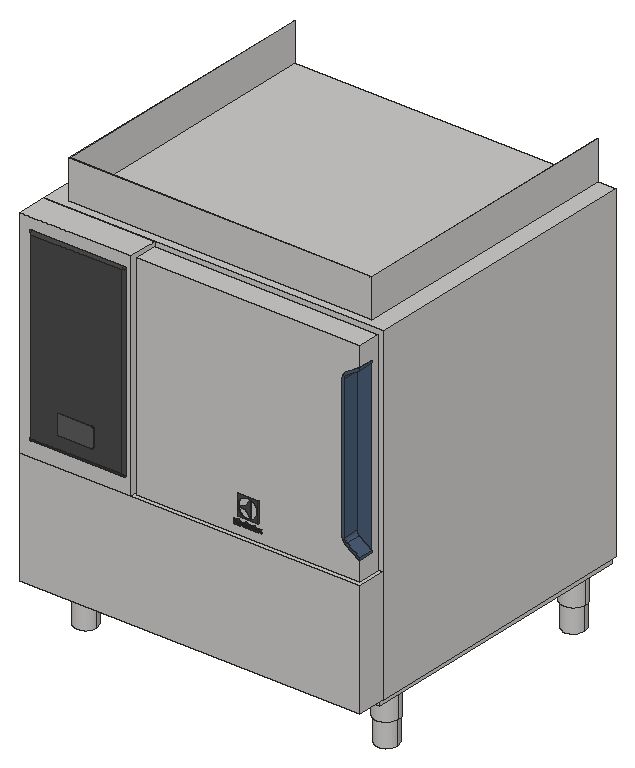
Revit family "QF_ELECTROLUXPROFESSIONAL_725584_EBFA61WHE", category Specialty Equipment, Revit 2023 (continued)
Automatic sketch dimensions
  Split face 52 sketch curve to Extrusion 6 = 377.596 mm
  Split face 52 sketch curve to Extrusion 6 = 28.787 mm
  Split face 52 sketch curve to Split face 52 sketch curve = 110.015 mm
  Split face 53 sketch curve to Extrusion 6 = 31.361 mm
  Split face 53 sketch curve to Extrusion 6 = 262.581 mm
  Split face 53 sketch curve to Extrusion 6 = 36.388 mm
  Split face 53 sketch curve to Split face 53 sketch curve = 110.015 mm
  Split face 54 sketch curve to Extrusion 6 = 40.833 mm
  Split face 54 sketch curve to Extrusion 6 = 262.581 mm
  Split face 54 sketch curve to Extrusion 6 = 45.86 mm
  Split face 54 sketch curve to Split face 54 sketch curve = 110.015 mm
  Split face 55 sketch curve to Extrusion 6 = 50.305 mm
  Split face 55 sketch curve to Extrusion 6 = 262.581 mm
  Split face 55 sketch curve to Split face 55 sketch curve = 110.015 mm
  Split face 55 sketch curve to Split face 55 sketch curve = 5.027 mm
  Split face 56 sketch curve to Extrusion 6 = 59.777 mm
  Split face 56 sketch curve to Extrusion 6 = 262.581 mm
  Split face 56 sketch curve to Split face 56 sketch curve = 110.015 mm
  Split face 56 sketch curve to Split face 56 sketch curve = 5.027 mm
  Split face 57 sketch curve to Extrusion 6 = 69.25 mm
  Split face 57 sketch curve to Extrusion 6 = 262.581 mm
  Split face 57 sketch curve to Split face 57 sketch curve = 110.015 mm
  Split face 57 sketch curve to Split face 57 sketch curve = 5.027 mm
  Split face 58 sketch curve to Extrusion 6 = 78.722 mm
  Split face 58 sketch curve to Extrusion 6 = 262.581 mm
  Split face 58 sketch curve to Split face 58 sketch curve = 110.015 mm
  Split face 58 sketch curve to Split face 58 sketch curve = 5.027 mm
  Split face 59 sketch curve to Extrusion 6 = 88.194 mm
  Split face 59 sketch curve to Extrusion 6 = 262.581 mm
  Split face 59 sketch curve to Split face 59 sketch curve = 110.015 mm
  Split face 59 sketch curve to Split face 59 sketch curve = 5.027 mm
  Split face 60 sketch curve to Extrusion 6 = 97.666 mm
  Split face 60 sketch curve to Extrusion 6 = 262.581 mm
  Split face 60 sketch curve to Split face 60 sketch curve = 110.015 mm
  Split face 60 sketch curve to Split face 60 sketch curve = 5.027 mm
  Split face 61 sketch curve to Extrusion 6 = 107.138 mm
  Split face 61 sketch curve to Extrusion 6 = 262.581 mm
  Split face 61 sketch curve to Split face 61 sketch curve = 110.015 mm
  Split face 61 sketch curve to Split face 61 sketch curve = 5.027 mm
  Split face 62 sketch curve to Extrusion 6 = 116.611 mm
  Split face 62 sketch curve to Extrusion 6 = 262.581 mm
  Split face 62 sketch curve to Split face 62 sketch curve = 110.015 mm
  Split face 62 sketch curve to Split face 62 sketch curve = 5.027 mm
  Split face 63 sketch curve to Extrusion 6 = 126.083 mm
  Split face 63 sketch curve to Extrusion 6 = 262.581 mm
  Split face 63 sketch curve to Split face 63 sketch curve = 110.015 mm
  Split face 63 sketch curve to Split face 63 sketch curve = 5.027 mm
  Split face 64 sketch curve to Extrusion 6 = 262.581 mm
  Split face 64 sketch curve to Split face 64 sketch curve = 110.015 mm
  Split face 64 sketch curve to Extrusion 6 = 135.555 mm
  Split face 64 sketch curve to Split face 64 sketch curve = 5.027 mm
  Split face 65 sketch curve to Extrusion 6 = 262.581 mm
  Split face 65 sketch curve to Split face 65 sketch curve = 110.015 mm
  Split face 65 sketch curve to Extrusion 6 = 145.027 mm
  Split face 65 sketch curve to Split face 65 sketch curve = 5.027 mm
  Split face 66 sketch curve to Extrusion 6 = 262.581 mm
  Split face 66 sketch curve to Split face 66 sketch curve = 110.015 mm
  Split face 66 sketch curve to Extrusion 6 = 147.48 mm
  Split face 66 sketch curve to Split face 66 sketch curve = 5.027 mm
  Split face 67 sketch curve to Extrusion 6 = 262.581 mm
  Split face 67 sketch curve to Split face 67 sketch curve = 110.015 mm
  Split face 67 sketch curve to Extrusion 6 = 138.008 mm
  Split face 67 sketch curve to Split face 67 sketch curve = 5.027 mm
  Split face 68 sketch curve to Extrusion 6 = 128.536 mm
  Split face 68 sketch curve to Extrusion 6 = 262.581 mm
  Split face 68 sketch curve to Split face 68 sketch curve = 110.015 mm
  Split face 68 sketch curve to Split face 68 sketch curve = 5.027 mm
  Split face 69 sketch curve to Extrusion 6 = 119.064 mm
  Split face 69 sketch curve to Extrusion 6 = 262.581 mm
  Split face 69 sketch curve to Split face 69 sketch curve = 110.015 mm
  Split face 69 sketch curve to Split face 69 sketch curve = 5.027 mm
  Split face 70 sketch curve to Extrusion 6 = 109.592 mm
  Split face 70 sketch curve to Extrusion 6 = 262.581 mm
  Split face 70 sketch curve to Split face 70 sketch curve = 110.015 mm
  Split face 70 sketch curve to Split face 70 sketch curve = 5.027 mm
  Split face 71 sketch curve to Extrusion 6 = 100.119 mm
  Split face 71 sketch curve to Extrusion 6 = 262.581 mm
  Split face 71 sketch curve to Split face 71 sketch curve = 110.015 mm
  Split face 71 sketch curve to Split face 71 sketch curve = 5.027 mm
  Split face 72 sketch curve to Extrusion 6 = 90.647 mm
  Split face 72 sketch curve to Extrusion 6 = 262.581 mm
  Split face 72 sketch curve to Split face 72 sketch curve = 110.015 mm
  Split face 72 sketch curve to Split face 72 sketch curve = 5.027 mm
  Split face 73 sketch curve to Extrusion 6 = 81.175 mm
  Split face 73 sketch curve to Extrusion 6 = 262.581 mm
  Split face 73 sketch curve to Split face 73 sketch curve = 110.015 mm
  Split face 73 sketch curve to Split face 73 sketch curve = 5.027 mm
  Split face 74 sketch curve to Extrusion 6 = 71.703 mm
  Split face 74 sketch curve to Extrusion 6 = 262.581 mm
  Split face 74 sketch curve to Split face 74 sketch curve = 110.015 mm
  Split face 74 sketch curve to Split face 74 sketch curve = 5.027 mm
  Split face 75 sketch curve to Extrusion 6 = 62.231 mm
  Split face 75 sketch curve to Extrusion 6 = 262.581 mm
  Split face 75 sketch curve to Split face 75 sketch curve = 110.015 mm
  Split face 75 sketch curve to Split face 75 sketch curve = 5.027 mm
  Split face 76 sketch curve to Extrusion 6 = 52.758 mm
  Split face 76 sketch curve to Extrusion 6 = 262.581 mm
  Split face 76 sketch curve to Extrusion 6 = 47.731 mm
  Split face 76 sketch curve to Split face 76 sketch curve = 110.015 mm
  Split face 77 sketch curve to Extrusion 6 = 43.286 mm
  Split face 77 sketch curve to Extrusion 6 = 262.581 mm
  Split face 77 sketch curve to Extrusion 6 = 38.259 mm
  Split face 77 sketch curve to Split face 77 sketch curve = 110.015 mm
  Split face 78 sketch curve to Extrusion 6 = 33.814 mm
  Split face 78 sketch curve to Extrusion 6 = 262.581 mm
  Split face 78 sketch curve to Extrusion 6 = 28.787 mm
  Split face 78 sketch curve to Split face 78 sketch curve = 110.015 mm
  Split face 79 sketch curve to Extrusion 6 = 31.361 mm
  Split face 79 sketch curve to Extrusion 6 = 147.565 mm
  Split face 79 sketch curve to Extrusion 6 = 36.388 mm
  Split face 79 sketch curve to Split face 79 sketch curve = 110.015 mm
  Split face 80 sketch curve to Extrusion 6 = 40.833 mm
  Split face 80 sketch curve to Extrusion 6 = 147.565 mm
  Split face 80 sketch curve to Extrusion 6 = 45.86 mm
  Split face 80 sketch curve to Split face 80 sketch curve = 110.015 mm
  Split face 81 sketch curve to Extrusion 6 = 50.305 mm
  Split face 81 sketch curve to Extrusion 6 = 147.565 mm
  Split face 81 sketch curve to Split face 81 sketch curve = 110.015 mm
  Split face 81 sketch curve to Split face 81 sketch curve = 5.027 mm
  Split face 82 sketch curve to Extrusion 6 = 59.777 mm
  Split face 82 sketch curve to Extrusion 6 = 147.565 mm
  Split face 82 sketch curve to Split face 82 sketch curve = 110.015 mm
  Split face 82 sketch curve to Split face 82 sketch curve = 5.027 mm
  Split face 83 sketch curve to Extrusion 6 = 69.25 mm
  Split face 83 sketch curve to Extrusion 6 = 147.565 mm
  Split face 83 sketch curve to Split face 83 sketch curve = 110.015 mm
  Split face 83 sketch curve to Split face 83 sketch curve = 5.027 mm
  Split face 84 sketch curve to Extrusion 6 = 147.565 mm
  Split face 84 sketch curve to Split face 84 sketch curve = 110.015 mm
  Split face 84 sketch curve to Extrusion 6 = 78.722 mm
  Split face 84 sketch curve to Split face 84 sketch curve = 5.027 mm
  Split face 85 sketch curve to Extrusion 6 = 147.565 mm
  Split face 85 sketch curve to Split face 85 sketch curve = 110.015 mm
  Split face 85 sketch curve to Extrusion 6 = 88.194 mm
  Split face 85 sketch curve to Split face 85 sketch curve = 5.027 mm
  Split face 86 sketch curve to Extrusion 6 = 147.565 mm
  Split face 86 sketch curve to Split face 86 sketch curve = 110.015 mm
  Split face 86 sketch curve to Extrusion 6 = 97.666 mm
  Split face 86 sketch curve to Split face 86 sketch curve = 5.027 mm
  Split face 87 sketch curve to Extrusion 6 = 147.565 mm
  Split face 87 sketch curve to Split face 87 sketch curve = 110.015 mm
  Split face 87 sketch curve to Extrusion 6 = 107.138 mm
  Split face 87 sketch curve to Split face 87 sketch curve = 5.027 mm
  Split face 88 sketch curve to Extrusion 6 = 147.565 mm
  Split face 88 sketch curve to Split face 88 sketch curve = 110.015 mm
  Split face 88 sketch curve to Extrusion 6 = 116.611 mm
  Split face 88 sketch curve to Split face 88 sketch curve = 5.027 mm
  Split face 89 sketch curve to Extrusion 6 = 147.565 mm
  Split face 89 sketch curve to Split face 89 sketch curve = 110.015 mm
  Split face 89 sketch curve to Extrusion 6 = 126.083 mm
  Split face 89 sketch curve to Split face 89 sketch curve = 5.027 mm
  Split face 90 sketch curve to Extrusion 6 = 147.565 mm
  Split face 90 sketch curve to Split face 90 sketch curve = 110.015 mm
  Split face 90 sketch curve to Extrusion 6 = 135.555 mm
  Split face 90 sketch curve to Split face 90 sketch curve = 5.027 mm
  Split face 91 sketch curve to Extrusion 6 = 147.565 mm
  Split face 91 sketch curve to Split face 91 sketch curve = 110.015 mm
  Split face 91 sketch curve to Extrusion 6 = 145.027 mm
  Split face 91 sketch curve to Split face 91 sketch curve = 5.027 mm
  Split face 92 sketch curve to Extrusion 6 = 147.565 mm
  Split face 92 sketch curve to Split face 92 sketch curve = 110.015 mm
  Split face 92 sketch curve to Extrusion 6 = 147.48 mm
  Split face 92 sketch curve to Split face 92 sketch curve = 5.027 mm
  Split face 93 sketch curve to Extrusion 6 = 147.565 mm
  Split face 93 sketch curve to Split face 93 sketch curve = 110.015 mm
  Split face 93 sketch curve to Extrusion 6 = 138.008 mm
  Split face 93 sketch curve to Split face 93 sketch curve = 5.027 mm
  Split face 94 sketch curve to Extrusion 6 = 147.565 mm
  Split face 94 sketch curve to Split face 94 sketch curve = 110.015 mm
  Split face 94 sketch curve to Extrusion 6 = 128.536 mm
  Split face 94 sketch curve to Split face 94 sketch curve = 5.027 mm
  Split face 95 sketch curve to Extrusion 6 = 147.565 mm
  Split face 95 sketch curve to Split face 95 sketch curve = 110.015 mm
  Split face 95 sketch curve to Extrusion 6 = 119.064 mm
  Split face 95 sketch curve to Split face 95 sketch curve = 5.027 mm
  Split face 96 sketch curve to Extrusion 6 = 147.565 mm
  Split face 96 sketch curve to Split face 96 sketch curve = 110.015 mm
  Split face 96 sketch curve to Extrusion 6 = 109.592 mm
  Split face 96 sketch curve to Split face 96 sketch curve = 5.027 mm
  Split face 97 sketch curve to Extrusion 6 = 147.565 mm
  Split face 97 sketch curve to Split face 97 sketch curve = 110.015 mm
  Split face 97 sketch curve to Extrusion 6 = 100.119 mm
  Split face 97 sketch curve to Split face 97 sketch curve = 5.027 mm
  Split face 98 sketch curve to Extrusion 6 = 147.565 mm
  Split face 98 sketch curve to Split face 98 sketch curve = 110.015 mm
  Split face 98 sketch curve to Extrusion 6 = 90.647 mm
  Split face 98 sketch curve to Split face 98 sketch curve = 5.027 mm
  Split face 99 sketch curve to Extrusion 6 = 147.565 mm
  Split face 99 sketch curve to Split face 99 sketch curve = 110.015 mm
  Split face 99 sketch curve to Extrusion 6 = 81.175 mm
  Split face 99 sketch curve to Split face 99 sketch curve = 5.027 mm
  Split face 100 sketch curve to Extrusion 6 = 71.703 mm
  Split face 100 sketch curve to Extrusion 6 = 147.565 mm
  Split face 100 sketch curve to Split face 100 sketch curve = 110.015 mm
  Split face 100 sketch curve to Split face 100 sketch curve = 5.027 mm
  Split face 101 sketch curve to Extrusion 6 = 62.231 mm
  Split face 101 sketch curve to Extrusion 6 = 147.565 mm
  Split face 101 sketch curve to Split face 101 sketch curve = 110.015 mm
  Split face 101 sketch curve to Split face 101 sketch curve = 5.027 mm
  Split face 102 sketch curve to Extrusion 6 = 52.758 mm
  Split face 102 sketch curve to Extrusion 6 = 147.565 mm
  Split face 102 sketch curve to Extrusion 6 = 47.731 mm
  Split face 102 sketch curve to Split face 102 sketch curve = 110.015 mm
  Split face 103 sketch curve to Extrusion 6 = 43.286 mm
  Split face 103 sketch curve to Extrusion 6 = 147.565 mm
  Split face 103 sketch curve to Extrusion 6 = 38.259 mm
  Split face 103 sketch curve to Split face 103 sketch curve = 110.015 mm
  Split face 104 sketch curve to Extrusion 6 = 33.814 mm
  Split face 104 sketch curve to Extrusion 6 = 147.565 mm
  Split face 104 sketch curve to Extrusion 6 = 28.787 mm
  Split face 104 sketch curve to Split face 104 sketch curve = 110.015 mm
  Split face 105 sketch curve to Extrusion 6 = 32.55 mm
  Split face 105 sketch curve to Extrusion 6 = 36.388 mm
  Split face 105 sketch curve to Split face 105 sketch curve = 110.015 mm
  Split face 105 sketch curve to Split face 105 sketch curve = 5.027 mm
  Split face 106 sketch curve to Extrusion 6 = 32.55 mm
  Split face 106 sketch curve to Extrusion 6 = 45.86 mm
  Split face 106 sketch curve to Split face 106 sketch curve = 110.015 mm
  Split face 106 sketch curve to Split face 106 sketch curve = 5.027 mm
  Split face 107 sketch curve to Extrusion 6 = 32.55 mm
  Split face 107 sketch curve to Split face 107 sketch curve = 110.015 mm
  Split face 107 sketch curve to Extrusion 6 = 50.305 mm
  Split face 107 sketch curve to Split face 107 sketch curve = 5.027 mm
  Split face 108 sketch curve to Extrusion 6 = 32.55 mm
  Split face 108 sketch curve to Split face 108 sketch curve = 110.015 mm
  Split face 108 sketch curve to Extrusion 6 = 59.777 mm
  Split face 108 sketch curve to Split face 108 sketch curve = 5.027 mm
  Split face 109 sketch curve to Extrusion 6 = 32.55 mm
  Split face 109 sketch curve to Split face 109 sketch curve = 110.015 mm
  Split face 109 sketch curve to Extrusion 6 = 69.25 mm
  Split face 109 sketch curve to Split face 109 sketch curve = 5.027 mm
  Split face 110 sketch curve to Extrusion 6 = 32.55 mm
  Split face 110 sketch curve to Split face 110 sketch curve = 110.015 mm
  Split face 110 sketch curve to Extrusion 6 = 78.722 mm
  Split face 110 sketch curve to Split face 110 sketch curve = 5.027 mm
  Split face 111 sketch curve to Extrusion 6 = 32.55 mm
  Split face 111 sketch curve to Split face 111 sketch curve = 110.015 mm
  Split face 111 sketch curve to Extrusion 6 = 88.194 mm
  Split face 111 sketch curve to Split face 111 sketch curve = 5.027 mm
  Split face 112 sketch curve to Extrusion 6 = 32.55 mm
  Split face 112 sketch curve to Split face 112 sketch curve = 110.015 mm
  Split face 112 sketch curve to Extrusion 6 = 97.666 mm
  Split face 112 sketch curve to Split face 112 sketch curve = 5.027 mm
  Split face 113 sketch curve to Extrusion 6 = 32.55 mm
  Split face 113 sketch curve to Split face 113 sketch curve = 110.015 mm
  Split face 113 sketch curve to Extrusion 6 = 107.138 mm
  Split face 113 sketch curve to Split face 113 sketch curve = 5.027 mm
  Split face 114 sketch curve to Extrusion 6 = 32.55 mm
  Split face 114 sketch curve to Split face 114 sketch curve = 110.015 mm
  Split face 114 sketch curve to Extrusion 6 = 116.611 mm
  Split face 114 sketch curve to Split face 114 sketch curve = 5.027 mm
  Split face 115 sketch curve to Extrusion 6 = 32.55 mm
  Split face 115 sketch curve to Split face 115 sketch curve = 110.015 mm
  Split face 115 sketch curve to Extrusion 6 = 126.083 mm
  Split face 115 sketch curve to Split face 115 sketch curve = 5.027 mm
  Split face 116 sketch curve to Extrusion 6 = 32.55 mm
  Split face 116 sketch curve to Split face 116 sketch curve = 110.015 mm
  Split face 116 sketch curve to Extrusion 6 = 135.555 mm
  Split face 116 sketch curve to Split face 116 sketch curve = 5.027 mm
  Split face 117 sketch curve to Extrusion 6 = 32.55 mm
  Split face 117 sketch curve to Split face 117 sketch curve = 110.015 mm
  Split face 117 sketch curve to Extrusion 6 = 145.027 mm
  Split face 117 sketch curve to Split face 117 sketch curve = 5.027 mm
  Split face 118 sketch curve to Extrusion 6 = 32.55 mm
  Split face 118 sketch curve to Split face 118 sketch curve = 110.015 mm
  Split face 118 sketch curve to Extrusion 6 = 147.48 mm
  Split face 118 sketch curve to Split face 118 sketch curve = 5.027 mm
  Split face 119 sketch curve to Extrusion 6 = 32.55 mm
  Split face 119 sketch curve to Split face 119 sketch curve = 110.015 mm
  Split face 119 sketch curve to Extrusion 6 = 138.008 mm
  Split face 119 sketch curve to Split face 119 sketch curve = 5.027 mm
  Split face 120 sketch curve to Extrusion 6 = 32.55 mm
  Split face 120 sketch curve to Split face 120 sketch curve = 110.015 mm
  Split face 120 sketch curve to Extrusion 6 = 128.536 mm
  Split face 120 sketch curve to Split face 120 sketch curve = 5.027 mm
  Split face 121 sketch curve to Extrusion 6 = 32.55 mm
  Split face 121 sketch curve to Split face 121 sketch curve = 110.015 mm
  Split face 121 sketch curve to Extrusion 6 = 119.064 mm
  Split face 121 sketch curve to Split face 121 sketch curve = 5.027 mm
  Split face 122 sketch curve to Extrusion 6 = 32.55 mm
  Split face 122 sketch curve to Split face 122 sketch curve = 110.015 mm
  Split face 122 sketch curve to Extrusion 6 = 109.592 mm
  Split face 122 sketch curve to Split face 122 sketch curve = 5.027 mm
  Split face 123 sketch curve to Extrusion 6 = 32.55 mm
  Split face 123 sketch curve to Split face 123 sketch curve = 110.015 mm
  Split face 123 sketch curve to Extrusion 6 = 100.119 mm
  Split face 123 sketch curve to Split face 123 sketch curve = 5.027 mm
  Split face 124 sketch curve to Extrusion 6 = 32.55 mm
  Split face 124 sketch curve to Split face 124 sketch curve = 110.015 mm
  Split face 124 sketch curve to Extrusion 6 = 90.647 mm
  Split face 124 sketch curve to Split face 124 sketch curve = 5.027 mm
  Split face 125 sketch curve to Extrusion 6 = 32.55 mm
  Split face 125 sketch curve to Split face 125 sketch curve = 110.015 mm
  Split face 125 sketch curve to Extrusion 6 = 81.175 mm
  Split face 125 sketch curve to Split face 125 sketch curve = 5.027 mm
  Split face 126 sketch curve to Extrusion 6 = 32.55 mm
  Split face 126 sketch curve to Split face 126 sketch curve = 110.015 mm
  Split face 126 sketch curve to Extrusion 6 = 71.703 mm
  Split face 126 sketch curve to Split face 126 sketch curve = 5.027 mm
  Split face 127 sketch curve to Extrusion 6 = 32.55 mm
  Split face 127 sketch curve to Split face 127 sketch curve = 110.015 mm
  Split face 127 sketch curve to Extrusion 6 = 62.231 mm
  Split face 127 sketch curve to Split face 127 sketch curve = 5.027 mm
  Split face 128 sketch curve to Extrusion 6 = 32.55 mm
  Split face 128 sketch curve to Extrusion 6 = 47.731 mm
  Split face 128 sketch curve to Split face 128 sketch curve = 110.015 mm
  Split face 128 sketch curve to Split face 128 sketch curve = 5.027 mm
  Split face 129 sketch curve to Extrusion 6 = 32.55 mm
  Split face 129 sketch curve to Extrusion 6 = 38.259 mm
  Split face 129 sketch curve to Split face 129 sketch curve = 110.015 mm
  Split face 129 sketch curve to Split face 129 sketch curve = 5.027 mm
  Split face 130 sketch curve to Extrusion 6 = 32.55 mm
  Split face 130 sketch curve to Extrusion 6 = 28.787 mm
  Split face 130 sketch curve to Split face 130 sketch curve = 110.015 mm
  Split face 130 sketch curve to Split face 130 sketch curve = 5.027 mm
  Extrusion 9 sketch curve to plane 5 "BACK" = 0 mm  (x2)
  Extrusion 9 sketch curve to plane 14 = 0 mm  (x2)
  Extrusion 9 sketch curve to plane 3 "Center Y" = 141.58 mm
  Extrusion 9 sketch curve to Extrusion 9 sketch curve = 1.631 mm  (x2)
  Extrusion 9 sketch curve to Extrusion 9 sketch curve = 9.723 mm
  plane 9 to Extrusion 9 sketch curve = 80.967 mm
  plane 9 to Extrusion 9 sketch curve = 72.875 mm
  Extrusion 10 sketch curve to plane 5 "BACK" = 0 mm  (x2)
  Extrusion 10 sketch curve to plane 9 = 3 mm
  Extrusion 10 sketch curve to plane 9 = 1 mm
  plane 11 to Extrusion 10 sketch curve = 1 mm
  Extrusion 10 sketch curve to Extrusion 10 sketch curve = 2 mm  (x2)
  Extrusion 10 sketch curve to plane 12 = 49 mm
  Extrusion 11 sketch curve to plane 13 "TOP" = 0.005 mm
  Extrusion 11 sketch curve to plane 3 "Center Y" = 139.7 mm
  plane 11 to Extrusion 11 sketch curve = 6.255 mm
  plane 11 to Extrusion 11 sketch curve = 14.741 mm
  plane 11 to Extrusion 11 sketch curve = 15.205 mm
  Extrusion 11 sketch curve to Extrusion 11 sketch curve = 10.513 mm
  Extrusion 11 sketch curve to Extrusion 11 sketch curve = 20 mm
  Extrusion 11 sketch curve to plane 6 "RIGHT" = 1.005 mm  (x2)
  Extrusion 11 sketch curve to Extrusion 11 sketch curve = 51.135 mm
  Extrusion 11 sketch curve to Extrusion 11 sketch curve = 24.082 mm
  Extrusion 11 sketch curve to Extrusion 11 sketch curve = 374.913 mm
  Extrusion 11 sketch curve to Extrusion 11 sketch curve = 23.723 mm
  plane 8 to Extrusion 11 sketch curve = 332.497 mm
  Extrusion 12 sketch curve to Extrusion 11 = 0 mm  (x8)
  Extrusion 11 to Extrusion 12 sketch curve = 8.487 mm
  Extrusion 11 to Extrusion 12 sketch curve = 8.95 mm
  Extrusion 12 sketch curve to Extrusion 12 sketch curve = 20 mm
  Extrusion 13 sketch curve to Extrusion 13 sketch curve = 0 mm  (x2)
  Extrusion 13 sketch curve to Extrusion 11 = 0 mm  (x5)
  Extrusion 11 to Extrusion 13 sketch curve = 2.5 mm
  Extrusion 13 sketch curve to Extrusion 13 sketch curve = 2.5 mm
  Extrusion 13 sketch curve to Extrusion 13 sketch curve = 13.5 mm
  Extrusion 11 to Extrusion 13 sketch curve = 12.541 mm
  Extrusion 13 sketch curve to Extrusion 13 sketch curve = 5.583 mm
  Extrusion 13 sketch curve to Extrusion 13 sketch curve = 3.591 mm
  Extrusion 13 sketch curve to Extrusion 13 sketch curve = 3.597 mm
  Extrusion 13 sketch curve to Extrusion 13 sketch curve = 6.143 mm
  Extrusion 13 sketch curve to Extrusion 13 sketch curve = 6.141 mm
  Extrusion 14 sketch curve to plane 7 "FRONT" = 0 mm
  plane 15 to Extrusion 14 sketch curve = 47.24 mm
  Extrusion 14 sketch curve to Extrusion 14 sketch curve = 8.487 mm
  Extrusion 14 sketch curve to Extrusion 14 sketch curve = 8.95 mm
  Extrusion 14 sketch curve to Extrusion 14 sketch curve = 19 mm
  Extrusion 14 sketch curve to Extrusion 14 sketch curve = 20 mm
  plane 15 to Extrusion 14 sketch curve = 2.5 mm  (x2)
  Extrusion 14 sketch curve to plane 13 "TOP" = 0.005 mm
  Extrusion 14 sketch curve to Extrusion 14 sketch curve = 51.135 mm
  Extrusion 14 sketch curve to Extrusion 14 sketch curve = 24.082 mm
  Extrusion 14 sketch curve to Extrusion 14 sketch curve = 374.913 mm
  Extrusion 14 sketch curve to Extrusion 14 sketch curve = 23.723 mm
  plane 8 to Extrusion 14 sketch curve = 332.497 mm
  Extrusion 15 sketch curve to Extrusion 14 = 0 mm  (x8)
  Extrusion 14 to Extrusion 15 sketch curve = 8.487 mm
  Extrusion 14 to Extrusion 15 sketch curve = 8.95 mm
  Extrusion 15 sketch curve to Extrusion 15 sketch curve = 11.05 mm
  Extrusion 16 sketch curve to Extrusion 16 sketch curve = 0 mm  (x2)
  Extrusion 16 sketch curve to Extrusion 14 = 0 mm  (x4)
  Extrusion 14 to Extrusion 16 sketch curve = 0 mm
  Extrusion 14 to Extrusion 16 sketch curve = 2.5 mm  (x2)
  Extrusion 16 sketch curve to Extrusion 16 sketch curve = 13.5 mm
  Extrusion 14 to Extrusion 16 sketch curve = 12.541 mm
  Extrusion 16 sketch curve to Extrusion 16 sketch curve = 5.583 mm
  Extrusion 16 sketch curve to Extrusion 16 sketch curve = 3.591 mm
  Extrusion 16 sketch curve to Extrusion 16 sketch curve = 3.597 mm
  Extrusion 16 sketch curve to Extrusion 16 sketch curve = 6.143 mm
  Extrusion 16 sketch curve to Extrusion 16 sketch curve = 6.141 mm
  Extrusion 17 sketch curve to plane 7 "FRONT" = 0 mm
  plane 7 "FRONT" to Extrusion 17 sketch curve = 16.966 mm
  Extrusion 17 sketch curve to plane 3 "Center Y" = 119.677 mm
  Extrusion 17 sketch curve to Extrusion 17 sketch curve = 32.971 mm
  Extrusion 17 sketch curve to plane 6 "RIGHT" = 1.005 mm
  radius of Extrusion 4 sketch curve = 10.5 mm
  radius of Extrusion 8 sketch curve = 9.5 mm
  radius of Extrusion 12 sketch curve to Extrusion 11 = 0 mm
  radius of Extrusion 13 sketch curve to Extrusion 11 = 0 mm
  radius of Extrusion 13 sketch curve to Extrusion 11 = 6.5 mm
  radius of Extrusion 15 sketch curve to Extrusion 14 = 0 mm
  radius of Extrusion 16 sketch curve to Extrusion 14 = 0 mm
  radius of Extrusion 16 sketch curve to Extrusion 14 = 6.5 mm
Nested families
  nested 1: "Foot_Complete" at (-708, -142.149, 0), type "Foot_Complete"
    with H 130 mm
  nested 2: "Foot_Complete" at (85, -142.149, 0), type "Foot_Complete"
    with H 130 mm
  nested 3: "Foot_Complete" at (85, 473.851, 0), type "Foot_Complete"
    with H 130 mm
  nested 4: "Foot_Complete" at (-708, 473.851, 0), type "Foot_Complete"
    with H 130 mm
  nested 5: "ELX_Logo_S_New" at (-157.603, -295.149, 492.497) x (1, 0, 0) z (0, -1, 0), visible <- "Show Logo", type "ELX_Logo_S_New"
    with M QF_Finishes_Black
  nested 6: "ELX_Logo_Symbol" at (-157.603, -295.149, 532.497) x (-1, 0, 0) z (0, -1, 0), visible <- "Show Logo", type "ELX_Logo_Symbol"
    with M QF_Finishes_Black
  nested 7: "ELX_Touch" at (-606.5, -295.149, 741.265) x (1, 0, 0) z (0, -1, 0), type "ELX_Touch"
Connectors
  electrical at (-696, 577.851, 258), driven by "Volts"
    settings: on Extrusion 4, index 5, voltage 380 V, apparent load 0 VA, apparent load phase1 0 VA, apparent load phase2 0 VA, apparent load phase3 0 VA, power factor 1, load classification "Altro", number of poles 1, system type 30, power factor state 1, is connector primary yes, connector utility no, sub classification motor no, connector description "Electrical Connection"
  piping at (-360, 215.851, 98.32), diameter 19
    settings: on cut or joined group of Extrusion 1, Extrusion 2, Extrusion 3, Extrusion 4, Extrusion 7, Extrusion 8, Extrusion 9, index 6, connector inside diameter 609.6 mm, connector length 0 mm, flow factor 0, pipe flow 0.0 L/s, pressure drop 0.0 Pa, fitting loss kfactor 0, connector angle 0.00°, fixture units 0, engagement length 0 mm, angle of deflection 0.00°, flow configuration 1, flow direction 2, fitting loss method 0, system type 16, joint type 0, gender type 0, connector reference index -1, connector utility 0, adjustable connector no, is connector primary yes, connector description "Drain"
Definition of nested family "Foot_Complete"
  Parameters
    R = 32 mm
    H = 150 mm
    Default Elevation = 0 mm
  Reference planes
    plane 1 "Centro (Fronte/Retro)": y = 0
    plane 2: z = 0
    plane 3 "Centro (Sinistra/Destra)": x = 0
    plane 4: z = 150
  Forms (mm)
    Revolve 1, solid
      sketch origin (255.05, 0, 608.09) x (0, 0, 1) y (-1, 0, 0)
        loop
          line (-608.09, 255.05) -> (-608.09, 226.55) -> (-544.09, 226.55) -> (-544.09, 223.05) -> (-458.09, 223.05) -> (-458.09, 255.05) -> (-608.09, 255.05)
        axis (-608.09, 255.05) -> (-458.09, 255.05)
      angle from 0 to 360
  Dimensions and locks
    locked: level to Revolve 1 sketch curve at 64
    "R": Revolve 1 sketch curve to plane 3 "Centro (Sinistra/Destra)"
    "H": plane 4 to level
    aligned and locked: level to plane 2
    aligned and locked: plane 4 to Revolve 1 sketch curve
    aligned and locked: Revolve 1 sketch curve to level
    aligned and locked: plane 3 "Centro (Sinistra/Destra)" to Revolve 1 sketch curve
  Automatic sketch dimensions
    Revolve 1 sketch curve to plane 3 "Centro (Sinistra/Destra)" = 0 mm
    plane 3 "Centro (Sinistra/Destra)" to Revolve 1 sketch curve = 28.5 mm
    Revolve 1 sketch curve to Revolve 1 sketch curve = 50 mm
    Revolve 1 sketch curve to Revolve 1 sketch curve = 20 mm
Definition of nested family "ELX_Logo_S_New"
  Parameters
    Default Elevation = 0 mm
    M [instance] = none
  Reference planes
    plane 1 "Centro (Fronte/Retro)": y = 0
    plane 2: z = 0
    plane 3 "Centro (Sinistra/Destra)": x = 0
  Forms (mm)
    Extrusion 1, solid
      sketch origin (0, 0, 0) x (1, 0, 0) y (0, 1, 0)
        loop
          line (-1219.2, 1219.2) -> (-1219.2, -1219.2) -> (1219.2, -1219.2) -> (1219.2, 1219.2) -> (-1219.2, 1219.2)
      from 0 to -304.8
    Extrusion 2, solid, material <- "M"
      sketch origin (0, 0, 0) x (1, 0, 0) y (0, 1, 0)
        loop
          spline (-32.537, -4.135) -> (-32.702, -4.128) -> (-32.877, -4.105) -> (-33.059, -4.064) -> (-33.242, -4.002) -> (-33.422, -3.916) -> (-33.593, -3.803) -> (-33.751, -3.66) -> (-33.891, -3.486) -> (-34.008, -3.276) -> (-34.098, -3.029) -> (-34.155, -2.741) -> (-34.176, -2.41)
          line (-34.176, -2.41) -> (-34.176, -0.943) -> (-29.331, -0.943) -> (-29.331, 0.928) -> (-34.176, 0.928) -> (-34.176, 3.652) -> (-29.023, 3.652) -> (-29.023, 5.518) -> (-36.159, 5.518) -> (-36.159, -2.326)
          spline (-36.159, -2.326) -> (-36.142, -2.808) -> (-36.088, -3.263) -> (-35.996, -3.688) -> (-35.867, -4.083) -> (-35.698, -4.445) -> (-35.489, -4.773) -> (-35.239, -5.066) -> (-34.946, -5.322) -> (-34.61, -5.539) -> (-34.23, -5.716) -> (-33.804, -5.851) -> (-33.332, -5.943)
          line (-33.332, -5.943) -> (-32.554, -5.999) -> (-28.885, -5.999) -> (-28.885, -4.135) -> (-32.537, -4.135)
        loop
          line (-27.476, 0.076) -> (-27.476, -6.002) -> (-25.492, -6.002) -> (-25.492, 5.521) -> (-27.476, 5.521) -> (-27.476, 0.076)
        loop
          spline (-15.702, -2.321) -> (-15.689, -1.697) -> (-15.749, -1.094) -> (-15.879, -0.516) -> (-16.078, 0.029) -> (-16.341, 0.538) -> (-16.668, 1.004) -> (-17.055, 1.422) -> (-17.5, 1.786) -> (-17.999, 2.091) -> (-18.552, 2.331) -> (-19.154, 2.5) -> (-19.804, 2.594)
          spline (-19.804, 2.594) -> (-20.422, 2.558) -> (-21.009, 2.453) -> (-21.56, 2.28) -> (-22.072, 2.042) -> (-22.54, 1.743) -> (-22.96, 1.385) -> (-23.327, 0.97) -> (-23.638, 0.502) -> (-23.887, -0.018) -> (-24.07, -0.586) -> (-24.183, -1.2) -> (-24.222, -1.857)
          spline (-24.222, -1.857) -> (-24.184, -2.498) -> (-24.074, -3.097) -> (-23.895, -3.652) -> (-23.651, -4.16) -> (-23.344, -4.618) -> (-22.979, -5.023) -> (-22.559, -5.374) -> (-22.087, -5.667) -> (-21.567, -5.899) -> (-21.003, -6.068) -> (-20.397, -6.172) -> (-19.754, -6.207)
          spline (-19.754, -6.207) -> (-19.44, -6.2) -> (-19.13, -6.176) -> (-18.823, -6.135) -> (-18.52, -6.074) -> (-18.221, -5.993) -> (-17.925, -5.89) -> (-17.634, -5.762) -> (-17.346, -5.609) -> (-17.062, -5.43) -> (-16.782, -5.221) -> (-16.506, -4.983) -> (-16.234, -4.713)
          line (-16.234, -4.713) -> (-17.429, -3.55)
          spline (-17.429, -3.55) -> (-17.587, -3.702) -> (-17.745, -3.841) -> (-17.906, -3.967) -> (-18.07, -4.08) -> (-18.239, -4.181) -> (-18.415, -4.268) -> (-18.599, -4.343) -> (-18.792, -4.404) -> (-18.996, -4.452) -> (-19.213, -4.486) -> (-19.443, -4.506) -> (-19.688, -4.513)
          spline (-19.688, -4.513) -> (-20.047, -4.496) -> (-20.383, -4.443) -> (-20.696, -4.358) -> (-20.984, -4.24) -> (-21.246, -4.092) -> (-21.479, -3.915) -> (-21.683, -3.711) -> (-21.856, -3.48) -> (-21.997, -3.224) -> (-22.104, -2.945) -> (-22.176, -2.643) -> (-22.212, -2.321)
          line (-22.212, -2.321) -> (-15.702, -2.321)
        loop
          spline (-17.695, -0.926) -> (-17.714, -0.681) -> (-17.771, -0.445) -> (-17.861, -0.221) -> (-17.984, -0.01) -> (-18.135, 0.184) -> (-18.314, 0.36) -> (-18.516, 0.516) -> (-18.741, 0.648) -> (-18.984, 0.755) -> (-19.244, 0.834) -> (-19.518, 0.883) -> (-19.804, 0.9)
          spline (-19.804, 0.9) -> (-20.11, 0.884) -> (-20.405, 0.835) -> (-20.686, 0.757) -> (-20.95, 0.652) -> (-21.195, 0.521) -> (-21.419, 0.367) -> (-21.618, 0.192) -> (-21.79, -0.003) -> (-21.934, -0.214) -> (-22.045, -0.439) -> (-22.122, -0.678) -> (-22.162, -0.926)
          line (-22.162, -0.926) -> (-17.695, -0.926)
        loop
          spline (-12.669, -1.807) -> (-12.646, -1.438) -> (-12.58, -1.088) -> (-12.472, -0.759) -> (-12.326, -0.455) -> (-12.145, -0.177) -> (-11.93, 0.072) -> (-11.685, 0.289) -> (-11.412, 0.473) -> (-11.114, 0.62) -> (-10.793, 0.728) -> (-10.453, 0.794) -> (-10.095, 0.817)
          spline (-10.095, 0.817) -> (-9.876, 0.81) -> (-9.665, 0.79) -> (-9.464, 0.756) -> (-9.271, 0.709) -> (-9.086, 0.65) -> (-8.908, 0.578) -> (-8.737, 0.495) -> (-8.572, 0.399) -> (-8.414, 0.292) -> (-8.261, 0.173) -> (-8.113, 0.044) -> (-7.969, -0.096)
          line (-7.969, -0.096) -> (-6.741, 1.183)
          spline (-6.741, 1.183) -> (-6.985, 1.427) -> (-7.237, 1.647) -> (-7.496, 1.843) -> (-7.762, 2.015) -> (-8.034, 2.164) -> (-8.312, 2.291) -> (-8.596, 2.397) -> (-8.886, 2.482) -> (-9.181, 2.546) -> (-9.481, 2.592) -> (-9.786, 2.619) -> (-10.095, 2.627)
          spline (-10.095, 2.627) -> (-10.715, 2.589) -> (-11.308, 2.476) -> (-11.871, 2.294) -> (-12.396, 2.046) -> (-12.88, 1.736) -> (-13.316, 1.369) -> (-13.7, 0.949) -> (-14.026, 0.48) -> (-14.289, -0.035) -> (-14.483, -0.59) -> (-14.604, -1.182) -> (-14.645, -1.807)
          spline (-14.645, -1.807) -> (-14.604, -2.431) -> (-14.483, -3.023) -> (-14.289, -3.578) -> (-14.026, -4.093) -> (-13.7, -4.562) -> (-13.316, -4.983) -> (-12.88, -5.35) -> (-12.396, -5.659) -> (-11.871, -5.907) -> (-11.308, -6.09) -> (-10.715, -6.202) -> (-10.095, -6.24)
          spline (-10.095, -6.24) -> (-9.786, -6.232) -> (-9.481, -6.205) -> (-9.181, -6.16) -> (-8.886, -6.095) -> (-8.596, -6.01) -> (-8.312, -5.904) -> (-8.034, -5.777) -> (-7.762, -5.628) -> (-7.496, -5.456) -> (-7.237, -5.26) -> (-6.985, -5.04) -> (-6.741, -4.796)
          line (-6.741, -4.796) -> (-7.969, -3.517)
          spline (-7.969, -3.517) -> (-8.113, -3.657) -> (-8.261, -3.786) -> (-8.414, -3.905) -> (-8.572, -4.012) -> (-8.737, -4.108) -> (-8.908, -4.192) -> (-9.086, -4.263) -> (-9.271, -4.323) -> (-9.464, -4.369) -> (-9.665, -4.403) -> (-9.876, -4.423) -> (-10.095, -4.43)
          spline (-10.095, -4.43) -> (-10.453, -4.408) -> (-10.793, -4.341) -> (-11.114, -4.233) -> (-11.412, -4.086) -> (-11.685, -3.902) -> (-11.93, -3.685) -> (-12.145, -3.436) -> (-12.326, -3.158) -> (-12.472, -2.854) -> (-12.58, -2.526) -> (-12.646, -2.176) -> (-12.669, -1.807)
        loop
          spline (-1.683, -4.138) -> (-1.858, -4.14) -> (-2.045, -4.127) -> (-2.24, -4.095) -> (-2.438, -4.04) -> (-2.633, -3.959) -> (-2.822, -3.85) -> (-2.998, -3.709) -> (-3.157, -3.533) -> (-3.294, -3.318) -> (-3.404, -3.061) -> (-3.483, -2.76) -> (-3.524, -2.411)
          line (-3.524, -2.411) -> (-3.524, 0.529) -> (-1.72, 0.529) -> (-1.72, 2.331) -> (-3.522, 2.331) -> (-3.522, 5.521) -> (-5.506, 5.521) -> (-5.506, -2.523)
          spline (-5.506, -2.523) -> (-5.463, -2.99) -> (-5.386, -3.429) -> (-5.274, -3.839) -> (-5.126, -4.218) -> (-4.941, -4.564) -> (-4.717, -4.877) -> (-4.455, -5.155) -> (-4.153, -5.396) -> (-3.81, -5.599) -> (-3.425, -5.762) -> (-2.998, -5.884) -> (-2.528, -5.964)
          line (-2.528, -5.964) -> (-1.69, -6.002) -> (-1.683, -4.138)
        loop
          spline (4.991, 2.446) -> (4.648, 2.468) -> (4.318, 2.461) -> (4.001, 2.429) -> (3.699, 2.371) -> (3.413, 2.288) -> (3.142, 2.182) -> (2.89, 2.052) -> (2.655, 1.901) -> (2.439, 1.728) -> (2.244, 1.535) -> (2.069, 1.322) -> (1.917, 1.091)
          line (1.917, 1.091) -> (1.917, 2.33) -> (-0.051, 2.33) -> (-0.051, -6.002) -> (1.917, -6.002) -> (1.917, -1.621)
          spline (1.917, -1.621) -> (1.935, -1.288) -> (1.988, -0.979) -> (2.075, -0.693) -> (2.195, -0.432) -> (2.345, -0.197) -> (2.526, 0.01) -> (2.736, 0.189) -> (2.972, 0.338) -> (3.235, 0.456) -> (3.522, 0.541) -> (3.832, 0.594) -> (4.165, 0.611)
          line (4.165, 0.611) -> (4.991, 0.529) -> (4.991, 2.446)
        loop
          spline (14.388, -1.836) -> (14.347, -1.224) -> (14.226, -0.642) -> (14.031, -0.093) -> (13.768, 0.418) -> (13.441, 0.887) -> (13.057, 1.308) -> (12.621, 1.677) -> (12.137, 1.989) -> (11.612, 2.24) -> (11.051, 2.425) -> (10.459, 2.539) -> (9.842, 2.578)
          spline (9.842, 2.578) -> (9.221, 2.539) -> (8.627, 2.425) -> (8.064, 2.24) -> (7.539, 1.989) -> (7.056, 1.677) -> (6.62, 1.308) -> (6.237, 0.887) -> (5.912, 0.418) -> (5.65, -0.093) -> (5.456, -0.642) -> (5.336, -1.224) -> (5.295, -1.836)
          spline (5.295, -1.836) -> (5.336, -2.447) -> (5.456, -3.029) -> (5.65, -3.578) -> (5.912, -4.089) -> (6.237, -4.558) -> (6.62, -4.979) -> (7.056, -5.348) -> (7.539, -5.66) -> (8.064, -5.911) -> (8.627, -6.096) -> (9.221, -6.211) -> (9.842, -6.25)
          spline (9.842, -6.25) -> (10.459, -6.211) -> (11.051, -6.096) -> (11.612, -5.911) -> (12.137, -5.66) -> (12.621, -5.348) -> (13.057, -4.979) -> (13.441, -4.558) -> (13.768, -4.089) -> (14.031, -3.578) -> (14.226, -3.029) -> (14.347, -2.447) -> (14.388, -1.836)
        loop
          spline (12.42, -1.836) -> (12.397, -1.475) -> (12.33, -1.131) -> (12.222, -0.807) -> (12.075, -0.504) -> (11.893, -0.227) -> (11.677, 0.022) -> (11.431, 0.241) -> (11.157, 0.426) -> (10.859, 0.575) -> (10.538, 0.685) -> (10.198, 0.753) -> (9.842, 0.777)
          spline (9.842, 0.777) -> (9.482, 0.753) -> (9.14, 0.685) -> (8.818, 0.575) -> (8.519, 0.426) -> (8.246, 0.241) -> (8.001, 0.022) -> (7.786, -0.227) -> (7.605, -0.504) -> (7.459, -0.807) -> (7.352, -1.131) -> (7.286, -1.475) -> (7.263, -1.836)
          spline (7.263, -1.836) -> (7.286, -2.196) -> (7.352, -2.54) -> (7.459, -2.865) -> (7.605, -3.167) -> (7.786, -3.444) -> (8.001, -3.694) -> (8.246, -3.912) -> (8.519, -4.098) -> (8.818, -4.247) -> (9.14, -4.357) -> (9.482, -4.425) -> (9.842, -4.448)
          spline (9.842, -4.448) -> (10.198, -4.425) -> (10.538, -4.357) -> (10.859, -4.247) -> (11.157, -4.098) -> (11.431, -3.912) -> (11.677, -3.694) -> (11.893, -3.444) -> (12.075, -3.167) -> (12.222, -2.865) -> (12.33, -2.54) -> (12.397, -2.196) -> (12.42, -1.836)
        loop
          line (15.608, 0.275) -> (15.608, -6.002) -> (17.593, -6.002) -> (17.593, 5.521) -> (15.608, 5.521) -> (15.608, 0.275)
        loop
          line (24.747, 2.33) -> (24.747, -2.513)
          spline (24.747, -2.513) -> (24.731, -2.828) -> (24.685, -3.112) -> (24.61, -3.366) -> (24.507, -3.59) -> (24.38, -3.785) -> (24.229, -3.952) -> (24.056, -4.091) -> (23.863, -4.203) -> (23.652, -4.29) -> (23.425, -4.35) -> (23.183, -4.386) -> (22.928, -4.398)
          spline (22.928, -4.398) -> (22.674, -4.386) -> (22.432, -4.35) -> (22.205, -4.29) -> (21.994, -4.204) -> (21.802, -4.092) -> (21.629, -3.954) -> (21.478, -3.788) -> (21.35, -3.595) -> (21.248, -3.373) -> (21.173, -3.122) -> (21.126, -2.841) -> (21.11, -2.53)
          line (21.11, -2.53) -> (21.11, 2.33) -> (19.11, 2.33) -> (19.11, -2.696)
          spline (19.11, -2.696) -> (19.145, -3.265) -> (19.248, -3.783) -> (19.413, -4.25) -> (19.636, -4.667) -> (19.912, -5.033) -> (20.236, -5.349) -> (20.603, -5.616) -> (21.008, -5.833) -> (21.446, -6.001) -> (21.913, -6.121) -> (22.403, -6.193) -> (22.912, -6.217)
          spline (22.912, -6.217) -> (23.425, -6.193) -> (23.92, -6.12) -> (24.39, -5.998) -> (24.832, -5.828) -> (25.241, -5.607) -> (25.611, -5.337) -> (25.937, -5.016) -> (26.216, -4.645) -> (26.441, -4.222) -> (26.608, -3.749) -> (26.711, -3.223) -> (26.747, -2.646)
          line (26.747, -2.646) -> (26.747, 2.33) -> (24.747, 2.33)
        loop
          line (34.253, -3.337) -> (33.002, -1.588) -> (34.551, 0.523) -> (35.878, 2.33) -> (33.713, 2.33) -> (31.91, -0.166) -> (30.092, 2.33) -> (27.943, 2.33) -> (29.175, 0.645) -> (30.82, -1.604) -> (29.096, -4.004) -> (27.662, -6.002) -> (29.794, -6.002) -> (31.91, -3.059) -> (34.027, -6.002) -> (36.159, -6.002) -> (34.253, -3.337)
      from 0 to 1.644
  Dimensions and locks
    aligned and locked: plane 2 to Extrusion 1
    aligned and locked: level to Extrusion 1
Definition of nested family "ELX_Logo_Symbol"
  Parameters
    Default Elevation = 0 mm
    M [instance] = none
  Reference planes
    plane 1 "Centro (Fronte/Retro)": y = 0
    plane 2: z = 0
    plane 3 "Centro (Sinistra/Destra)": x = 0
  Forms (mm)
    Extrusion 1, solid
      sketch origin (0, 0, 0) x (1, 0, 0) y (0, 1, 0)
        loop
          line (-1219.2, 1219.2) -> (-1219.2, -1219.2) -> (1219.2, -1219.2) -> (1219.2, 1219.2) -> (-1219.2, 1219.2)
      from 0 to -304.8
    Extrusion 2, solid, material <- "M"
      sketch origin (94.462, 558.781, 0) x (1, 0, 0) y (0, 1, 0)
        loop
          line (-101.645, -583.129) -> (-101.645, -534.543)
          arc (-101.645, -534.543) -> (-119.606, -558.836) -> (-101.645, -583.129) r 25.41
        loop
          arc (-99.174, -583.129) -> (-78.968, -578.537) -> (-69.233, -560.244) r 24.902
          line (-69.233, -560.244) -> (-77.271, -560.244)
          arc (-77.271, -560.244) -> (-91.631, -566.073) -> (-99.174, -579.611) r 23.341
          line (-99.174, -579.611) -> (-99.174, -583.129)
        loop
          arc (-99.174, -538.061) -> (-91.631, -551.599) -> (-77.271, -557.427) r 23.341
          line (-77.271, -557.427) -> (-69.233, -557.427)
          arc (-69.233, -557.427) -> (-78.952, -538.984) -> (-99.174, -533.918) r 25.553
          line (-99.174, -533.918) -> (-99.174, -538.061)
        loop
          line (-67.388, -585.781) -> (-67.388, -531.781) -> (-121.462, -531.781) -> (-121.462, -585.781) -> (-67.388, -585.781)
      from 0 to 1.644
  Dimensions and locks
    aligned and locked: plane 2 to Extrusion 1
    aligned and locked: level to Extrusion 1
Definition of nested family "ELX_Touch"
  Parameters
    Default Elevation = 1219.2 mm
  Reference planes
    plane 1 "Centro (Fronte/Retro)": y = 0
    plane 2: z = 0
    plane 3 "Centro (Sinistra/Destra)": x = 0
  Forms (mm)
    Extrusion 1, solid
      sketch origin (0, 0, 0) x (1, 0, 0) y (0, 1, 0)
        loop
          line (-1219.2, 1219.2) -> (-1219.2, -1219.2) -> (1219.2, -1219.2) -> (1219.2, 1219.2) -> (-1219.2, 1219.2)
      from 0 to -304.8
    Extrusion 2, solid
      sketch origin (0, 0, 5) x (1, 0, 0) y (0, 1, 0)
        loop
          line (-47, -160) -> (-47, -202)
          arc (-47, -202) -> (-45.536, -205.535) -> (-42, -207) r 5
          line (-42, -207) -> (42, -207)
          arc (42, -207) -> (45.536, -205.535) -> (47, -202) r 5
          line (47, -202) -> (47, -160)
          arc (47, -160) -> (45.536, -156.465) -> (42, -155) r 5
          line (42, -155) -> (-42, -155)
          arc (-42, -155) -> (-45.536, -156.465) -> (-47, -160) r 5
      from 0 to 2
    Blend 3, solid
      base sketch origin (0, 0, 0) x (1, 0, 0) y (0, 1, 0)
        loop
          line (-127, 244) -> (-127, -244)
          arc (-127, -244) -> (-125.536, -247.536) -> (-122, -249) r 5
          line (-122, -249) -> (122, -249)
          arc (122, -249) -> (125.536, -247.536) -> (127, -244) r 5
          line (127, -244) -> (127, 244)
          arc (127, 244) -> (125.536, 247.536) -> (122, 249) r 5
          line (122, 249) -> (-122, 249)
          arc (-122, 249) -> (-125.536, 247.536) -> (-127, 244) r 5
      top sketch origin (0, 0, 0) x (1, 0, 0) y (0, 1, 0)
        loop
          line (-119, -241) -> (119, -241) -> (119, 241) -> (-119, 241) -> (-119, -241)
      from 0 to 5
  Lines and regions (mm)
    Split face 1
      outline origin (0, 0, 5) x (1, 0, 0) y (0, 1, 0)
        loop
          line (-70.506, 46.167) -> (70.506, 46.167) -> (70.506, 214.829) -> (-70.506, 214.829) -> (-70.506, 46.167)
    Split face 2
      outline origin (0, 0, 5) x (1, 0, 0) y (0, 1, 0)
        loop
          line (-47.467, 50.825) -> (47.467, 50.825) -> (47.467, 210.171) -> (-47.467, 210.171) -> (-47.467, 50.825)
    Split face 3
      outline origin (0, 0, 5) x (1, 0, 0) y (0, 1, 0)
        loop
          line (-70.521, -215.33) -> (70.521, -215.33) -> (70.521, -146.67) -> (-70.521, -146.67) -> (-70.521, -215.33)
    Split face 4
      outline origin (0, 0, 5) x (1, 0, 0) y (0, 1, 0)
        loop
          line (-119, 201.163) -> (-70.506, 201.163)
        loop
          line (70.506, 201.163) -> (119, 201.163)
        loop
          line (70.521, -200.849) -> (119, -200.849)
        loop
          line (-119, -200.849) -> (-70.521, -200.849)
  Dimensions and locks
    aligned and locked: plane 2 to Extrusion 1
    aligned and locked: level to Extrusion 1
